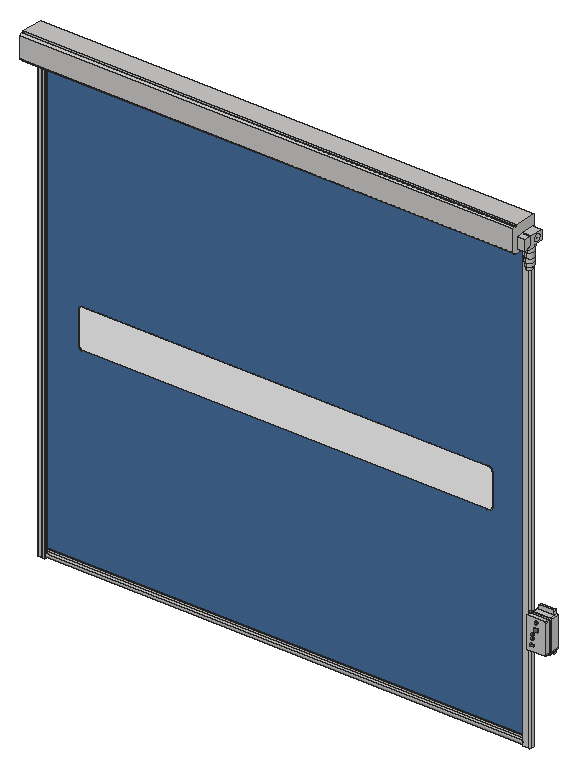
Revit family "g2021_EN_Roll-up-Door_Ferroflex_Self-Repairing_D00681ES", category Doors, host Wall, Revit 2021
Family settings
  Host = Wall
  OmniClass Number = 23.30.10.00
  OmniClass Title = Doors
  Always vertical = Yes
  Cut with Voids When Loaded = No
  Shared = No
  Room Calculation Point = No
Parameters (values of type "Roll-up Door 6000 x 6000 mm")
  Zone = ""
  Expected Service Life = ""
  Vertical Motor [instance] = not(Horizontal Motor)  # yes
  GDO-BIM Standard Version = "GDO-BIM V02"
  Version = "RVT2021"  # constant formula
  Measuring Unit = "Unit"  # constant formula
  Unit = ""
  Uniclass2015 Code = ""
  Uniclass2015 Title = ""
  Declaration of Performance URL = "https://ferroflexindustrialaccess.com/productos/puerta-rapida-autorreparable"
  Product URL = "https://ferroflexindustrialaccess.com/productos/puerta-rapida-autorreparable"
  BIM Profile URL = "https://bimetica.com/en/bim-object-ferroflex-high-speed-roll-up-door-self-repairing-d00681es-v3-15962.html"
  URL = "https://ferroflexindustrialaccess.com/productos/puerta-rapida-autorreparable"
  UNSPSC Title = "Rolling doors"  # constant formula
  UNSPSC Code = "30171503"  # constant formula
  Type Comments = ""
  Owner = "MANUSA GEST, S.L."  # constant formula
  Container Protection Type = ""
  Service Life Duration = ""
  Mean Time Between Failure = ""
  Thickness = E  # 62 mm
  Telephone Contact = "0034 937 263 433"
  BIM technical support = "https://bimsupport.info/en/fabricantes/ferroflex/"
  Series = "Puertas Enrollables"
  FireExit = no
  Safety and Security Contact = ""
  Tender Contact = ""
  Purchase Contact = ""
  Hazardous Waste Per Unit = 0
  NonHazardous Waste Per Unit = 0
  Radioactive Waste Per Unit = 0
  Inert Waste Per Unit = 0
  Functional Unit Reference = ""
  Batch Reference = ""
  Technical Support Contact = "ferroflex@ferroflex.net"
  Sales Representative Contact = "ferroflex@ferroflex.net"
  Reference = "D00681ES-V3"  # constant formula
  Point of Contact = "https://ferroflexindustrialaccess.com/contact"
  BIM Content Download Platform = "www.bimetica.com"
  Weight = 0.00 kg
  Warranty Period = "One year"  # constant formula
  Tender Text URL = ""
  Country of Sale = ""
  Operation = "Enrrollable"  # constant formula
  Omniclass Title = "Access Doors"  # constant formula
  Omniclass Code = "23-17 11 27 13"  # constant formula
  License Number = "XXX-XXXX7125"  # constant formula
  Declaration of Performance Number = ""
  Serial Number = ""
  Global Trade Item Number = ""
  Article Number = "D00681ES-V3"  # constant formula
  Risk Level = ""
  Model = "Self-repairing"  # constant formula
  Curtain Material = PVC_Telón_Azul
  Wrapping Material = "Plastic wrapping"
  Container Material = "Wooden box"
  Material = Stainless Steel_Laquered
  Masterformat Title = "Access Doors and Panels"  # constant formula
  Masterformat Code = "08 31 00"  # constant formula
  CE Mark = yes
  Manufacturer = "Ferroflex S.L.U."  # constant formula
  Maintenance = ""
  Assembly Place = "On site"
  Special Instructions = ""
  Technical Information = ""
  Infiltration = 0
  IfcExportType = "Roll-up door"  # constant formula
  IfcExportAs = "IfcDoor"  # constant formula
  Warranty Identifier = ""
  Horizontal Motor [instance] = no
  History = "(RVT2021) Creation of Element."  # constant formula
  Gubimclass Code = "Puertas de acceso"  # constant formula
  Gubimclass Title = "80.10.40.20"  # constant formula
  Is Extended Warranty = no
  G = 300 mm  # constant formula
  Function = Exterior
  LCA Data Source = ""
  Frame Projection Ext. = 25 mm
  Frame Projection Int. = 25 mm
  Fire Rating = "Lona ISO 3795-89"  # constant formula
  E = 62 mm  # constant formula
  D = 100 mm  # constant formula
  Description = "Rapid roll-up door, consisting of guides and head in lacquered or stainless steel, with self-repairing system in the guides in case of canvas derailment. Soft bottom flap. Active security by means of crossed photocells barrier."  # constant formula
  Define Thermal Properties by = Schematic Type
  Control panel Visible [instance] = yes
  C = 530 mm  # constant formula
  B = 330 mm
  Sight glass area = "Possibility of sight glass areas are available"
  Angl [instance] = if(Vertical Motor, 180.00°, if(Horizontal Motor, 90.00°, 0.00°))  # 180.00°
  Analytic Construction = "<Ninguno>"
  Height = if((Clear Height + 530 mm) < 2100 mm, 2100 mm, if((Clear Height + 530 mm) > 6000 mm, 6000 mm, Clear Height))  # 6000 mm
  Wall Closure = Interior
  Width = if((Clear Width + 100 mm) < 1000 mm, 1000 mm, if((Clear Width + 100 mm) > 6000 mm, 6000 mm, Clear Width))  # 6000 mm
  Glazing Area Fraction = 0
  Photochemical Ozone Formation Per Unit = 0
  BIM Eelement Expiry Date = "2 years"  # constant formula
  Supply Date = ""
  Warranty Start Date = ""
  Warranty End Date = ""
  Assessment Date = ""
  BIM Element Issue Date = "29/11/2022"  # constant formula
  Purchase Date = ""
  Installation Date = ""
  Life Cycle Phase = ""
  Resource Depletion Per Unit = 0
  Exclusions = ""
  Eutrophication Per Unit = 0
  Model Label = "Self-repairing Fold-up Door"  # constant formula
  Safety Standard = "2006/42/CE"
  Clear Area to Access = 0 mm
  Space = ""
  HasDrive = yes
  Is External = 1 = 1  # yes
  Is Accesible = no
  Energy Spent = 0
  Renewable Energy Consumption Per Unit = 0
  Total Primary Energy Consumption Per Unit = 0
  Non Renewable Energy Consumption Per Unit = 0
  Contact Email = "ferroflex@ferroflex.net"
  Stratospheric Ozone Layer Destruction Per Unit = 0
  Exterior Offset = 0 mm
  Interior Offset = 0 mm
  Assessment Description = ""
  Dependent Of = ""
  Environmental Product Declaration URL = ""
  LEED Credits = ""
  BREEAM Credits = ""
  Maintenance Cost = 0
  SmokeStop = no
  Warranty Content = "Materiales"
  Contact = "https://ferroflexindustrialaccess.com/contact"
  Condition of Sale = ""
  Assessment Condition = ""
  Barcode = ""
  Code = "Self-repairing"  # constant formula
  Hygrothermal Rating = ""
  Security Rating = "ISO 1421 / ISO 13937-2"
  Water Tightness Rating = ""
  Mechanical Load Rating = ""
  Wind Load Rating = "Clase 2"  # constant formula
  Self Closing = no
  Climate Change Per Unit = 0
  Durability Rating = ""
  COBie Category = "IfcDoor"  # constant formula
  Product Pricing Database 03 = ""
  Product Pricing Database 02 = ""
  Product Pricing Database 01 = ""
  Author = "Bimetica Parametric Design Services S.L."  # constant formula
  Production Year = ""
  Clear Width = 6000 mm
  Minimum Required Height = 2100 mm
  Clear Height = 6000 mm
  Control panel Height = 1200 mm
  Water Consumption Per Unit = 0
  Atmospheric Acidification Per Unit = 0
  Finish = "Laquered / Polished Matte"
  A = 330 mm  # constant formula
Reference planes
  plane 1: y = 0
  plane 2 "Center (Left/Right)": x = 0
  plane 3 "Left": x = -3000
  plane 4 "Right": x = 3000
  plane 5: z = 5470
  plane 6 "Exterior": y = -150
  plane 7 "Interior": y = -150
  plane 8 "M In": x = 3100
  plane 9: x = -3100
  plane 10 "E": y = -212
  plane 11 "B": y = -480
  plane 12: z = 6000
  plane 13 "Motor": z = 5835
  plane 14 "Cuadro de Mando": z = 1200
  plane 15 "Montante": z = 5670
  plane 16 "M Out": x = 3400
  plane 17 "MM": x = 3179.837
Forms (mm)
  Extrusion 1, solid, material "Stainless Steel_Laquered" <- "Material"
    sketch origin (0, 0, 0) x (0, 1, 0) y (0, 0, 1)
      loop
        line (-453.656, 5990.061) -> (-480, 5970.21) -> (-480, 5707.21) -> (-435.655, 5670) -> (-150, 5670) -> (-150, 6000) -> (-431, 6000) -> (-431, 5969) -> (-449.652, 5969) -> (-449.652, 5990.061) -> (-453.656, 5990.061)
    from -3100 to 3100
  Extrusion 2, solid, material "Stainless Steel_Laquered" <- "Material"
    sketch origin (0, 0, 0) x (1, 0, 0) y (0, 1, 0)
      loop
        line (-3080, -211) -> (-3005.017, -211) -> (-3005.017, -208.9) -> (-3042, -208.9) -> (-3042, -193.3) -> (-3030.863, -193.3) -> (-3026.937, -189.7) -> (-3006.501, -189.7)
        arc (-3006.501, -189.7) -> (-3003.319, -188.382) -> (-3002.001, -185.2) r 4.5
        line (-3002.001, -185.2) -> (-3002.001, -174.8)
        arc (-3002.001, -174.8) -> (-3003.319, -171.618) -> (-3006.501, -170.3) r 4.5
        line (-3006.501, -170.3) -> (-3026.937, -170.3) -> (-3030.863, -166.7) -> (-3042, -166.7) -> (-3042, -150) -> (-3100, -150) -> (-3100, -191)
        arc (-3100, -191) -> (-3094.142, -205.142) -> (-3080, -211) r 20
      loop
        arc (3080, -211) -> (3094.142, -205.142) -> (3100, -191) r 20
        line (3100, -191) -> (3100, -150) -> (3042, -150) -> (3042, -166.7) -> (3030.863, -166.7) -> (3026.937, -170.3) -> (3006.501, -170.3)
        arc (3006.501, -170.3) -> (3003.319, -171.618) -> (3002.001, -174.8) r 4.5
        line (3002.001, -174.8) -> (3002.001, -185.2)
        arc (3002.001, -185.2) -> (3003.319, -188.382) -> (3006.501, -189.7) r 4.5
        line (3006.501, -189.7) -> (3026.937, -189.7) -> (3030.863, -193.3) -> (3042, -193.3) -> (3042, -208.9) -> (3005.017, -208.9) -> (3005.017, -211) -> (3080, -211)
    from 0 to 5670
  Revolve 3, solid, material "Stainless Steel_Laquered" <- "Material", detail levels medium+fine
    sketch origin (3179.837, -1013.893, 5913.869) x (0, 0, -1) y (0, 1, 0)
      loop
        line (388.614, 725.593) -> (386.619, 737.116) -> (381.619, 737.116) -> (381.619, 740.343) -> (335.619, 740.343) -> (335.619, 743.1) -> (292.619, 743.1) -> (292.619, 740.343) -> (217.619, 740.343) -> (217.619, 743.1) -> (169.619, 743.1) -> (169.619, 721.865) -> (134.619, 721.865) -> (134.619, 690.593) -> (430.73, 690.593) -> (426.432, 725.593) -> (388.614, 725.593)
      axis (430.73, 690.593) -> (134.619, 690.593)
    angle from 0 to 360
  Extrusion 4, solid, material "Stainless Steel_Laquered" <- "Material", detail levels medium+fine
    sketch origin (3179.837, -1016.169, 5913.869) x (0, 0, -1) y (0, 1, 0)
      loop
        line (23.869, 648.661) -> (128.918, 648.661) -> (152.918, 596.661) -> (169.619, 596.661) -> (169.619, 730.593) -> (162.619, 730.593) -> (162.619, 690.593) -> (138.869, 690.593) -> (138.869, 813.843) -> (23.869, 813.843) -> (23.869, 648.661)
    from -52.5 to 52.5
  Extrusion 5, solid, material "Stainless Steel_Laquered" <- "Material", detail levels medium+fine
    sketch origin (3179.837, -1016.169, 5913.869) x (0, 0, -1) y (0, 1, 0)
      loop
        line (27.418, 648.661) -> (27.418, 559.753) -> (162.418, 559.753) -> (162.418, 596.661) -> (152.918, 596.661) -> (128.918, 648.661) -> (27.418, 648.661)
    from -45.5 to 45.5
  Extrusion 6, solid, material "Stainless Steel_Laquered" <- "Material", detail levels fine
    sketch origin (3179.837, -315, 5835) x (0, 0, -1) y (0, 1, 0)
      loop
        circle (0, 40.337) r 40.337
      loop
        circle (0, 40.337) r 15
    from -79.837 to 54.5
  Extrusion 7, solid, material "PVC_Telón_Azul" <- "Curtain Material", detail levels coarse
    sketch origin (0, 0, 0) x (1, 0, 0) y (0, 1, 0)
      loop
        line (-3002.001, -177.255) -> (-3002.001, -182.745) -> (3002.001, -182.745) -> (3002.001, -177.255) -> (-3002.001, -177.255)
    from 0 to 5670
  Extrusion 8, solid, material "PVC_Telón_Azul" <- "Curtain Material", detail levels medium+fine
    sketch origin (0, -150, 0) x (1, 0, 0) y (0, 0, 1)
      loop
        line (3002.001, 5670) -> (-3002.001, 5670) -> (-3002.001, 108.195) -> (3002.001, 108.195) -> (3002.001, 5670)
      loop
        line (2550, 2985) -> (-2550, 2985)
        arc (-2550, 2985) -> (-2585.355, 2970.355) -> (-2600, 2935) r 50
        line (-2600, 2935) -> (-2600, 2535)
        arc (-2600, 2535) -> (-2585.355, 2499.645) -> (-2550, 2485) r 50
        line (-2550, 2485) -> (2550, 2485)
        arc (2550, 2485) -> (2585.355, 2499.645) -> (2600, 2535) r 50
        line (2600, 2535) -> (2600, 2935)
        arc (2600, 2935) -> (2585.355, 2970.355) -> (2550, 2985) r 50
    from 27.255 to 32.745
  Extrusion 9, solid, material "Stainless Steel_Laquered" <- "Material", detail levels medium+fine
    sketch origin (0, 0, 0) x (0, 1, 0) y (0, 0, 1)
      loop
        line (-163.454, 47.69) -> (-171.921, 73.75)
        arc (-171.921, 73.75) -> (-175.179, 87.321) -> (-176.274, 101.234) r 88.942
        line (-176.274, 101.234) -> (-176.274, 108.195) -> (-183.726, 108.195) -> (-183.726, 101.234)
        arc (-183.726, 101.234) -> (-184.821, 87.321) -> (-188.079, 73.75) r 88.942
        line (-188.079, 73.75) -> (-196.546, 47.69)
        spline (-196.546, 47.69) -> (-198.894, 37.358) -> (-198.943, 26.328) -> (-196.685, 15.941) -> (-192.397, 7.463) -> (-186.6, 1.924) -> (-180, 0) -> (-173.4, 1.924) -> (-167.603, 7.463) -> (-163.315, 15.941) -> (-161.057, 26.328) -> (-161.106, 37.358) -> (-163.454, 47.69)
    from -3001.561 to 3001.561
  Extrusion 10, solid, material "PVC_Sight glass - Transparent", detail levels medium+fine
    sketch origin (0, -150, 0) x (1, 0, 0) y (0, 0, 1)
      loop
        arc (-2550, 2985) -> (-2585.355, 2970.355) -> (-2600, 2935) r 50
        line (-2600, 2935) -> (-2600, 2535)
        arc (-2600, 2535) -> (-2585.355, 2499.645) -> (-2550, 2485) r 50
        line (-2550, 2485) -> (2550, 2485)
        arc (2550, 2485) -> (2585.355, 2499.645) -> (2600, 2535) r 50
        line (2600, 2535) -> (2600, 2935)
        arc (2600, 2935) -> (2585.355, 2970.355) -> (2550, 2985) r 50
        line (2550, 2985) -> (-2550, 2985)
    from 27.255 to 32.745
  Extrusion 11, solid, material "Stainless Steel_Laquered" <- "Material", detail levels coarse
    sketch origin (3179.837, -315, 5835) x (1, 0, 0) y (0, 1, 0)
      loop
        circle (0, -8.076) r 52.5
    from -352.797 to 55
  Extrusion 12, solid, material "Stainless Steel_Laquered" <- "Material", visible <- "Control panel Visible"
    sketch origin (0, -150, 0) x (1, 0, 0) y (0, 0, 1)
      loop
        line (3383.374, 1587) -> (3169.374, 1587)
        arc (3169.374, 1587) -> (3162.303, 1584.071) -> (3159.374, 1577) r 10
        line (3159.374, 1577) -> (3159.374, 1210)
        arc (3159.374, 1210) -> (3162.303, 1202.929) -> (3169.374, 1200) r 10
        line (3169.374, 1200) -> (3383.374, 1200)
        arc (3383.374, 1200) -> (3390.445, 1202.929) -> (3393.374, 1210) r 10
        line (3393.374, 1210) -> (3393.374, 1577)
        arc (3393.374, 1577) -> (3390.445, 1584.071) -> (3383.374, 1587) r 10
    from 0 to 188.5
  Extrusion 13, solid, material "Stainless Steel_Laquered" <- "Material", visible <- "Control panel Visible", detail levels fine
    sketch origin (0, -150, 0) x (1, 0, 0) y (0, 0, 1)
      loop
        line (3383.374, 1602) -> (3169.374, 1602)
        arc (3169.374, 1602) -> (3151.696, 1594.678) -> (3144.374, 1577) r 25
        line (3144.374, 1577) -> (3144.374, 1210)
        arc (3144.374, 1210) -> (3151.696, 1192.322) -> (3169.374, 1185) r 25
        line (3169.374, 1185) -> (3383.374, 1185)
        arc (3383.374, 1185) -> (3401.051, 1192.322) -> (3408.374, 1210) r 25
        line (3408.374, 1210) -> (3408.374, 1577)
        arc (3408.374, 1577) -> (3401.051, 1594.678) -> (3383.374, 1602) r 25
      loop
        line (3383.374, 1587) -> (3169.374, 1587)
        arc (3169.374, 1587) -> (3162.303, 1584.071) -> (3159.374, 1577) r 10
        line (3159.374, 1577) -> (3159.374, 1210)
        arc (3159.374, 1210) -> (3162.303, 1202.929) -> (3169.374, 1200) r 10
        line (3169.374, 1200) -> (3383.374, 1200)
        arc (3383.374, 1200) -> (3390.445, 1202.929) -> (3393.374, 1210) r 10
        line (3393.374, 1210) -> (3393.374, 1577)
        arc (3393.374, 1577) -> (3390.445, 1584.071) -> (3383.374, 1587) r 10
    from 119 to 130.5
  Extrusion 14, solid, material "Plastic, Opaque Black", visible <- "Control panel Visible", detail levels fine
    sketch origin (0, -338.5, 0) x (1, 0, 0) y (0, 0, 1)
      loop
        circle (3276.516, 1538.089) r 14.807
      loop
        circle (3234.621, 1350.327) r 14.807
      loop
        circle (3234.621, 1395.327) r 14.807
      loop
        line (3253.874, 1481) -> (3253.874, 1436) -> (3298.874, 1436) -> (3298.874, 1481) -> (3253.874, 1481)
      loop
        line (3209.374, 1283.5) -> (3209.374, 1258.5) -> (3249.374, 1258.5) -> (3249.374, 1283.5) -> (3209.374, 1283.5)
    from 0 to 10
  Extrusion 15, solid, material "Stainless Steel_Laquered" <- "Material", visible <- "Control panel Visible", detail levels fine
    sketch origin (0, -150, 0) x (1, 0, 0) y (0, 0, 1)
      loop
        line (3361.374, 1640) -> (3191.374, 1640)
        arc (3191.374, 1640) -> (3184.303, 1637.071) -> (3181.374, 1630) r 10
        line (3181.374, 1630) -> (3181.374, 1587) -> (3371.374, 1587) -> (3371.374, 1630)
        arc (3371.374, 1630) -> (3368.445, 1637.071) -> (3361.374, 1640) r 10
      loop
        arc (3361.374, 1147) -> (3368.445, 1149.929) -> (3371.374, 1157) r 10
        line (3371.374, 1157) -> (3371.374, 1200) -> (3181.374, 1200) -> (3181.374, 1157)
        arc (3181.374, 1157) -> (3184.303, 1149.929) -> (3191.374, 1147) r 10
        line (3191.374, 1147) -> (3361.374, 1147)
    from 0 to 23.5
Lines and regions (mm)
  Opening 1
    outline origin (-3050, -150, 0) x (1, 0, 0) y (0, 0, 1)
      loop
        line (50, 0) -> (6050, 0) -> (6050, 5470) -> (50, 5470) -> (50, 0)
  reference lines
    curve 1: line (3179.837, -315, 5835) -> (3179.837, -315, 5335)
    curve 2: line (3179.837, -315, 6178.007) -> (3179.837, -315, 4738.007)
    curve 3: line (4505.483, -150, 2735) -> (-4044.517, -150, 2735)
  symbolic lines, style "DoorsHiddenLines"
    curve 4: line (-3100, -150, 0) -> (3100, -150, 0)
    curve 5: line (-3100, -480, 0) -> (-3100, -150, 0)
    curve 6: line (3100, -480, 0) -> (-3100, -480, 0)
    curve 7: line (3100, -150, 0) -> (3100, -480, 0)
    curve 8: line (-3002.001, -176.274, 0) -> (3002.001, -176.274, 0)
    curve 9: line (-3002.001, -183.726, 0) -> (-3002.001, -176.274, 0)
    curve 10: line (3002.001, -183.726, 0) -> (-3002.001, -183.726, 0)
    curve 11: line (3002.001, -176.274, 0) -> (3002.001, -183.726, 0)
    curve 12: circle (3179.837, -323.076, 0) r 52.5 normal (0, 0, 1)
Text (mm)
  text "Exterior" at (-1759.87, 1099.543, 0), in view "Ref. Level"
  text "Exterior" at (0, 1615.38, 3698.081), in view "Left"
  text "Exterior" at (0, 1036.032, 3874.932), in view "Right"
Dimensions and locks
  equal spacing: plane 3 "Left", plane 2 "Center (Left/Right)", plane 4 "Right"
  "Width": plane 3 "Left" to plane 4 "Right"
  "Height": host wall to plane 12
  "C": plane 5 to plane 12
  "Interior Offset": plane 6 "Exterior" to plane 7 "Interior"
  "Exterior Offset": host wall to plane 7 "Interior"
  "D": plane 9 to plane 3 "Left"
  "D": plane 4 "Right" to plane 8 "M In"
  plane 3 "Left" to plane 9 = 100 mm
  "E": plane 10 "E" to plane 6 "Exterior"
  "B": plane 6 "Exterior" to plane 11 "B"
  "Control panel Height": plane 14 "Cuadro de Mando" to level
  "A": plane 15 "Montante" to plane 12
  equal spacing: plane 15 "Montante", plane 13 "Motor", plane 12
  plane 12 to Extrusion 1 sketch curve to Extrusion 1 sketch curve to Extrusion 1 sketch curve = 9.939 mm locked, 19.851 mm locked, 1.21 mm locked
  locked: plane 15 "Montante" to Extrusion 1 sketch curve at 37.21
  Extrusion 1 sketch curve to Extrusion 1 sketch curve to Extrusion 1 sketch curve to Extrusion 1 sketch curve to plane 11 "B" = 4.655 mm locked, 13.997 mm locked, 4.005 mm locked, 26.344 mm locked
  Extrusion 2 sketch curve to Extrusion 2 sketch curve to Extrusion 2 sketch curve to Extrusion 2 sketch curve to Extrusion 2 sketch curve to Extrusion 2 sketch curve to Extrusion 2 sketch curve to Extrusion 2 sketch curve to Extrusion 2 sketch curve to Extrusion 2 sketch curve to Extrusion 2 sketch curve = 20 mm locked, 38 mm locked, 11.137 mm locked, 0 mm locked, 3.925 mm locked, 0 mm locked, 20.437 mm locked, 0 mm locked, 1.483 mm locked, 3.017 mm locked  (x2)
  Extrusion 2 sketch curve to Extrusion 2 sketch curve to Extrusion 2 sketch curve to Extrusion 2 sketch curve to Extrusion 2 sketch curve to Extrusion 2 sketch curve to Extrusion 2 sketch curve to Extrusion 2 sketch curve = 2.1 mm locked, 15.6 mm locked, 2.3 mm locked, 1.3 mm locked, 19.4 mm locked, 3.6 mm locked, 16.7 mm locked  (x2)
  locked: plane 6 "Exterior" to Extrusion 2 sketch curve  (x2)
  locked: plane 9 to Extrusion 2 sketch curve
  locked: plane 8 "M In" to Extrusion 2 sketch curve
  equal spacing: plane 6 "Exterior", curve 2, plane 11 "B"
  plane 8 "M In" to plane 17 "MM" = 79.837 mm
  "G": plane 8 "M In" to plane 16 "M Out"
  plane 10 "E" to Extrusion 7 sketch curve to Extrusion 7 sketch curve = 29.255 mm locked, 5.49 mm locked
  Extrusion 9 sketch curve to Extrusion 9 sketch curve to Extrusion 9 sketch curve to Extrusion 9 sketch curve to level = 6.961 mm locked, 0 mm locked, 69.616 mm locked, 31.619 mm locked
  Extrusion 9 sketch curve to Extrusion 9 sketch curve to Extrusion 9 sketch curve to Extrusion 9 sketch curve to plane 10 "E" to Extrusion 9 sketch curve = 88.942 mm locked, 3.726 mm locked, 3.726 mm locked, 28.274 mm locked, 60.668 mm locked
  locked: Extrusion 9 to plane 3 "Left" at 1.561
  locked: plane 4 "Right" to Extrusion 9 at 1.561
  equal spacing: level, curve 3, plane 5
  locked: plane 3 "Left" to Extrusion 8 sketch curve at 400
  locked: Extrusion 8 sketch curve to plane 4 "Right" at 400
  Extrusion 8 sketch curve to curve 3 to Extrusion 8 sketch curve = 250 mm locked, 250 mm locked
  Extrusion 10 sketch curve to curve 3 to Extrusion 10 sketch curve = 250 mm locked, 250 mm locked
  locked: plane 3 "Left" to Extrusion 10 sketch curve at 400
  locked: Extrusion 10 sketch curve to plane 4 "Right" at 400
  Extrusion 12 sketch curve to Extrusion 12 sketch curve to plane 14 "Cuadro de Mando" = 387 mm locked, 0 mm locked
  Extrusion 12 sketch curve to Extrusion 12 sketch curve to plane 8 "M In" = 234 mm locked, 59.374 mm locked
  Extrusion 13 sketch curve to plane 14 "Cuadro de Mando" to Extrusion 13 sketch curve = 402 mm locked, 15 mm locked
  Extrusion 13 sketch curve to Extrusion 13 sketch curve to plane 8 "M In" = 264 mm locked, 44.374 mm locked
  Extrusion 15 sketch curve to Extrusion 15 sketch curve to Extrusion 15 sketch curve to plane 14 "Cuadro de Mando" to Extrusion 15 sketch curve = 53 mm locked, 387 mm locked, 0 mm locked, 53 mm locked
  Extrusion 15 sketch curve to Extrusion 15 sketch curve to plane 8 "M In" = 190 mm locked, 81.374 mm locked
  locked: plane 4 "Right" to Extrusion 7 sketch curve at 2.001
  locked: Extrusion 7 sketch curve to plane 3 "Left" at 2.001
  locked: plane 4 "Right" to Extrusion 8 sketch curve at 2.001
  locked: Extrusion 8 sketch curve to plane 3 "Left" at 2.001
  locked: plane 17 "MM" to curve 12
  locked: curve 12 to plane 10 "E" at 111.076
  "Angl": angle curve 1 to curve 2
  aligned and locked: plane 3 "Left" to Opening 1 sketch curve
  aligned and locked: plane 5 to Opening 1 sketch curve  (x2)
  aligned and locked: Opening 1 sketch curve to plane 4 "Right"
  aligned and locked: Opening 1 sketch curve to level
  aligned and locked: host wall to plane 1
  aligned and locked: plane 13 "Motor" to curve 1
  aligned and locked: Extrusion 1 sketch curve to plane 15 "Montante"
  aligned and locked: Extrusion 1 sketch curve to plane 6 "Exterior"
  aligned and locked: plane 11 "B" to Extrusion 1 sketch curve
  aligned and locked: plane 12 to Extrusion 1 sketch curve
  aligned and locked: plane 9 to Extrusion 1
  aligned and locked: plane 8 "M In" to Extrusion 1
  aligned and locked: Extrusion 2 sketch curve to Extrusion 2 sketch curve  (x2)
  aligned and locked: Extrusion 2 to plane 15 "Montante"
  aligned and locked: curve 2 to curve 1
  aligned and locked: Extrusion 8 to Extrusion 9
  aligned and locked: Extrusion 8 to Extrusion 1
  aligned and locked: Extrusion 6 to plane 8 "M In"
  aligned and locked: Extrusion 13 sketch curve to Extrusion 12  (x4)
  aligned and locked: Extrusion 15 sketch curve to Extrusion 15 sketch curve  (x2)
  aligned and locked: plane 11 "B" to curve 6
  aligned and locked: plane 6 "Exterior" to curve 4
  aligned and locked: curve 5 to plane 9
  aligned and locked: curve 7 to plane 8 "M In"
  aligned and locked: Extrusion 2 to curve 9
  aligned and locked: Extrusion 2 to curve 11
  aligned and locked: curve 8 to Extrusion 9
  aligned and locked: curve 10 to Extrusion 9
  aligned and locked: Extrusion 7 to plane 15 "Montante"
Automatic sketch dimensions
  plane 10 "E" to curve 2 = 103 mm
  plane 5 to curve 2 = 731.993 mm
  plane 12 to curve 2 = 178.007 mm
  curve 1 to Revolve 3 sketch curve = 55.75 mm
  Revolve 3 sketch curve to Revolve 3 sketch curve = 35 mm  (x2)
  Revolve 3 sketch curve to Revolve 3 sketch curve = 48 mm
  Revolve 3 sketch curve to Revolve 3 sketch curve = 75 mm
  Revolve 3 sketch curve to Revolve 3 sketch curve = 43 mm
  Revolve 3 sketch curve to Revolve 3 sketch curve = 46 mm
  Revolve 3 sketch curve to Revolve 3 sketch curve = 5 mm
  Revolve 3 sketch curve to Revolve 3 sketch curve = 1.995 mm
  Revolve 3 sketch curve to Revolve 3 sketch curve = 37.819 mm
  Revolve 3 sketch curve to curve 1 = 8.3 mm  (x2)
  Revolve 3 sketch curve to Revolve 3 sketch curve = 31.272 mm
  Revolve 3 sketch curve to Revolve 3 sketch curve = 11.524 mm
  Revolve 3 sketch curve to Revolve 3 sketch curve = 3.226 mm
  Revolve 3 sketch curve to Revolve 3 sketch curve = 0 mm
  Revolve 3 sketch curve to Revolve 3 sketch curve = 2.758 mm  (x2)
  Revolve 3 sketch curve to Revolve 3 sketch curve = 14 mm
  Revolve 3 sketch curve to Revolve 3 sketch curve = 4.297 mm
  Revolve 3 sketch curve to curve 1 = 100.25 mm
  Extrusion 4 sketch curve to Extrusion 4 sketch curve = 23.75 mm
  Extrusion 4 sketch curve to Extrusion 4 sketch curve = 30.75 mm
  Extrusion 4 sketch curve to curve 1 = 104.508 mm
  Extrusion 4 sketch curve to Extrusion 4 sketch curve = 93.932 mm
  Extrusion 4 sketch curve to Extrusion 4 sketch curve = 40 mm
  Extrusion 4 sketch curve to Extrusion 4 sketch curve = 9.951 mm
  Extrusion 4 sketch curve to Extrusion 4 sketch curve = 16.701 mm
  Extrusion 4 sketch curve to Extrusion 4 sketch curve = 41.932 mm
  Extrusion 5 sketch curve to curve 1 = 51.451 mm
  Extrusion 5 sketch curve to curve 1 = 141.415 mm
  Extrusion 5 sketch curve to Extrusion 5 sketch curve = 135 mm
  Extrusion 5 sketch curve to Extrusion 5 sketch curve = 36.907 mm
  Extrusion 5 sketch curve to Extrusion 5 sketch curve = 9.5 mm
  Extrusion 5 sketch curve to Extrusion 5 sketch curve = 24 mm
  Extrusion 5 sketch curve to Extrusion 5 sketch curve = 52 mm
  curve 1 to Extrusion 4 sketch curve = 50.049 mm
  curve 1 to Extrusion 4 sketch curve = 112.674 mm
  Extrusion 4 sketch curve to curve 1 = 55 mm
  Extrusion 6 sketch curve to Extrusion 6 sketch curve = 0 mm  (x2)
  curve 1 to Extrusion 6 sketch curve = 0 mm
  curve 1 to Extrusion 6 sketch curve = 40.337 mm
  Extrusion 8 sketch curve to plane 5 = 200 mm
  Extrusion 8 sketch curve to Extrusion 8 sketch curve = 50 mm  (x3)
  Extrusion 8 sketch curve to Extrusion 8 sketch curve = 0 mm
  Extrusion 8 sketch curve to plane 14 "Cuadro de Mando" = 1091.805 mm
  Extrusion 9 sketch curve to plane 10 "E" = 15.454 mm
  Extrusion 9 sketch curve to plane 10 "E" = 23.921 mm
  Extrusion 9 sketch curve to Extrusion 9 sketch curve = 16.158 mm
  plane 6 "Exterior" to Extrusion 9 sketch curve = 13.454 mm
  Extrusion 9 sketch curve to Extrusion 9 sketch curve = 16.072 mm
  plane 6 "Exterior" to Extrusion 9 sketch curve = 10.787 mm
  plane 9 to curve 3 = 944.517 mm
  plane 16 "M Out" to curve 3 = 1105.483 mm
  Extrusion 10 sketch curve to Extrusion 10 sketch curve = 50 mm  (x3)
  Extrusion 10 sketch curve to Extrusion 10 sketch curve = 0 mm
  Extrusion 11 sketch curve to plane 17 "MM" = 0 mm
  plane 10 "E" to Extrusion 11 sketch curve = 111.076 mm
  Extrusion 12 sketch curve to Extrusion 12 sketch curve = 10 mm  (x2)
  Extrusion 12 sketch curve to plane 16 "M Out" = 16.626 mm
  Extrusion 12 sketch curve to plane 17 "MM" = 10.463 mm
  Extrusion 13 sketch curve to plane 16 "M Out" = 16.626 mm  (x2)
  Extrusion 13 sketch curve to plane 17 "MM" = 10.463 mm
  Extrusion 13 sketch curve to Extrusion 13 sketch curve = 0 mm  (x4)
  plane 14 "Cuadro de Mando" to Extrusion 13 sketch curve = 10 mm
  Extrusion 14 sketch curve to Extrusion 12 = 50 mm
  Extrusion 14 sketch curve to Extrusion 14 sketch curve = 25.247 mm
  Extrusion 14 sketch curve to Extrusion 14 sketch curve = 0 mm
  Extrusion 14 sketch curve to Extrusion 14 sketch curve = 40 mm
  Extrusion 14 sketch curve to Extrusion 14 sketch curve = 19.253 mm
  Extrusion 14 sketch curve to Extrusion 14 sketch curve = 22.643 mm
  Extrusion 14 sketch curve to Extrusion 14 sketch curve = 45 mm  (x3)
  Extrusion 14 sketch curve to Extrusion 12 = 328.5 mm
  Extrusion 14 sketch curve to Extrusion 14 sketch curve = 25 mm
  Extrusion 14 sketch curve to Extrusion 14 sketch curve = 66.827 mm
  Extrusion 14 sketch curve to Extrusion 14 sketch curve = 40.673 mm
  Extrusion 14 sketch curve to Extrusion 14 sketch curve = 57.089 mm
  Extrusion 15 sketch curve to Extrusion 15 sketch curve = 10 mm  (x4)
  radius of Extrusion 6 sketch curve = 15 mm
  radius of Extrusion 6 sketch curve = 40.337 mm
  radius of Extrusion 11 sketch curve = 52.5 mm
  radius of Extrusion 14 sketch curve = 14.807 mm  (x3)
  radius of curve 12 = 52.5 mm
